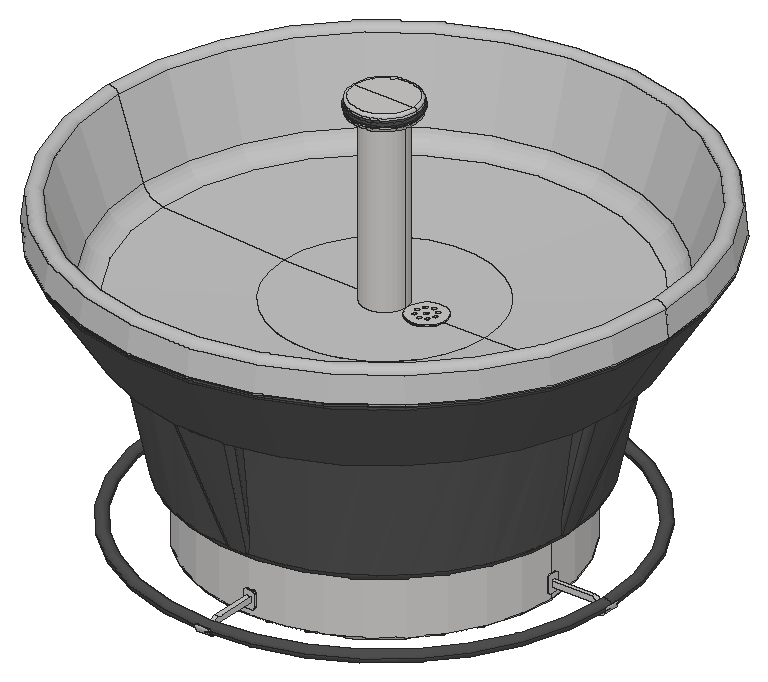
Revit family "Washfountain_Lavatory-Bradley_Corp-WF2808-Type_A_Drain", category Plumbing Fixtures, Revit 2012 (continued)
Lines and regions (in)
  symbolic lines, detail levels medium
    curve 37: line (0, 3.035, 36.30502) -> (0, 3.12875, 36.30502)
  symbolic lines, detail levels medium+fine
    curve 26: line (-3.035, 0, 36.80502) -> (3.035, 0, 36.80502)
    curve 29: line (3.035, 0, 36.30502) -> (-3.035, 0, 36.30502)
    curve 33: line (0, 3.035, 36.80502) -> (0, -3.035, 36.80502)
    curve 36: line (0, -3.035, 36.30502) -> (0, 3.035, 36.30502)
    curve 47: circle (0, 0, 37.25) r 2 normal (0, 0, 1)
    curve 137: circle (4, 0, 29) r 1.25 normal (0, 0, 1)
    curve 138: circle (4, 0, 29) r 0.1842 normal (0, 0, 1)
    curve 139: circle (4, 0.87771, 29) r 0.1842 normal (0, 0, 1)
    curve 140: circle (4.62063, 0.62063, 29) r 0.1842 normal (0, 0, 1)
    curve 141: circle (4.87771, 0, 29) r 0.1842 normal (0, 0, 1)
    curve 142: circle (4.62063, -0.62063, 29) r 0.1842 normal (0, 0, 1)
    curve 143: circle (4, -0.87771, 29) r 0.1842 normal (0, 0, 1)
    curve 144: circle (3.37937, -0.62063, 29) r 0.1842 normal (0, 0, 1)
    curve 145: circle (3.12229, 0, 29) r 0.1842 normal (0, 0, 1)
    curve 146: circle (3.37937, 0.62063, 29) r 0.1842 normal (0, 0, 1)
    curve 155: line (-17.48807, 0, 6.31492) -> (-0.96574, 0, 6.31492)
    curve 156: line (-0.96574, 0, 6.24986) -> (-0.96574, 0, 18.12)
    curve 158: line (-0.12584, 0, 6.24986) -> (-0.12584, 0, 18.12)
    curve 159: line (1.12265, 0, 6.31492) -> (17.49519, 0, 6.31492)
    curve 160: line (-22.00077, 0, 18.10444) -> (-21.06726, 0, 18.10444)
    curve 161: arc (-21.06726, 0, 18.10444) -> (-20.92142, 0, 18.054) -> (-20.8379, 0, 17.92423) r 0.23606
    curve 162: line (-20.8379, 0, 17.92423) -> (-2.19375, 0, 17.92423)
    curve 163: line (-2.07801, 0, 18.10444) -> (-1.09014, 0, 18.10444)
    curve 164: arc (-2.07801, 0, 18.10444) -> (-2.16776, 0, 18.05613) -> (-2.19717, 0, 17.95855) r 0.13336
    curve 165: arc (-1.09014, 0, 18.10444) -> (-1.02745, 0, 18.10835) -> (-0.96574, 0, 18.12) r 0.50514
    curve 166: arc (-1.08537, 0, 6.8063) -> (-1.04271, 0, 6.55643) -> (-0.96574, 0, 6.31492) r 1.81926
    curve 167: line (-0.96574, 0, 6.24986) -> (-0.12584, 0, 6.24986)
    curve 168: line (0, 0, 6.31492) -> (0.15691, 0, 6.31492)
    curve 169: arc (-0.12584, 0, 6.24986) -> (-0.05501, 0, 6.26709) -> (0, 0, 6.31492) r 0.15424
    curve 173: line (1.12265, 0, 6.24986) -> (1.12265, 0, 18.12)
    curve 175: line (0.28275, 0, 6.24986) -> (0.28275, 0, 18.12)
    curve 176: line (22.00077, 0, 18.10444) -> (21.09665, 0, 18.10444)
    curve 177: arc (21.09665, 0, 18.10444) -> (20.95081, 0, 18.054) -> (20.86729, 0, 17.92423) r 0.23606
    curve 178: line (20.86729, 0, 17.92423) -> (2.35066, 0, 17.92423)
    curve 179: line (2.23492, 0, 18.10444) -> (1.24705, 0, 18.10444)
    curve 180: arc (2.23492, 0, 18.10444) -> (2.32467, 0, 18.05613) -> (2.35408, 0, 17.95855) r 0.13336
    curve 181: arc (1.24705, 0, 18.10444) -> (1.18436, 0, 18.10835) -> (1.12265, 0, 18.12) r 0.50514
    curve 182: arc (1.24228, 0, 6.8063) -> (1.19962, 0, 6.55643) -> (1.12265, 0, 6.31492) r 1.81926
    curve 183: line (1.12265, 0, 6.24986) -> (0.28275, 0, 6.24986)
    curve 184: arc (0.28275, 0, 6.24986) -> (0.21192, 0, 6.26709) -> (0.15691, 0, 6.31492) r 0.15424
    curve 201: line (0, 20.99655, 18.03148) -> (0, 21.97113, 18.03148)
    curve 203: arc (0, 20.8379, 17.92423) -> (0, 20.9008, 18.00216) -> (0, 20.99655, 18.03148) r 0.17096
    curve 205: line (0, 2.19389, 17.92569) -> (0, 20.83849, 17.92569)
    curve 208: line (0, 2.07801, 18.10444) -> (0, 1.09014, 18.10444)
    curve 209: arc (0, 2.19829, 17.96981) -> (0, 2.16828, 18.06404) -> (0, 2.07801, 18.10444) r 0.12105
    curve 210: line (0, 0.96513, 6.24986) -> (0, 0.96513, 18.12004)
    curve 211: arc (0, 0.96513, 18.12004) -> (0, 1.02715, 18.10836) -> (0, 1.09014, 18.10444) r 0.5087
    curve 213: line (0, 0.96513, 6.24986) -> (0, 0.12584, 6.24986)
    curve 215: arc (0, 1.08537, 6.8063) -> (0, 1.04105, 6.52467) -> (0, 0.96513, 6.24986) r 2.51421
    curve 216: line (0, 0, 6.31685) -> (0, -0.15625, 6.31685)
    curve 217: line (0, 0, 6.31685) -> (0, 0.12584, 6.24986)
    curve 218: line (0, 0.12584, 6.24986) -> (0, 0.12584, 18.12004)
    curve 221: line (0, -2.35014, 17.92569) -> (0, -20.8418, 17.92569)
    curve 224: line (0, -2.23426, 18.10444) -> (0, -1.24639, 18.10444)
    curve 225: arc (0, -2.35454, 17.96981) -> (0, -2.32453, 18.06404) -> (0, -2.23426, 18.10444) r 0.12105
    curve 226: line (0, -1.12138, 6.24986) -> (0, -1.12138, 18.12004)
    curve 227: arc (0, -1.12138, 18.12004) -> (0, -1.1834, 18.10836) -> (0, -1.24639, 18.10444) r 0.5087
    curve 228: line (0, -1.12138, 6.24986) -> (0, -0.28209, 6.24986)
    curve 230: arc (0, -1.24162, 6.8063) -> (0, -1.1973, 6.52467) -> (0, -1.12138, 6.24986) r 2.51421
    curve 231: line (0, -0.15625, 6.31685) -> (0, -0.28209, 6.24986)
    curve 232: line (0, -0.28209, 6.24986) -> (0, -0.28209, 18.12004)
    curve 235: line (0, -21.00003, 18.03148) -> (0, -21.97463, 18.03148)
    curve 237: arc (0, -20.84138, 17.92423) -> (0, -20.90428, 18.00216) -> (0, -21.00003, 18.03148) r 0.17096
    curve 241: line (0, 17.49039, 6.32544) -> (0, 0.98937, 6.32544)
    curve 242: line (0, -1.14562, 6.32544) -> (0, -17.49387, 6.32544)
  symbolic lines
    curve 31: line (-2, 0, 35.86002) -> (2, 0, 35.86002)
    curve 38: line (0, 2, 35.86002) -> (0, -2, 35.86002)
    curve 136: circle (4, 0, 29) r 1.75 normal (0, 0, 1)
    curve 147: circle (0, 0, 29) r 25.3 normal (0, 0, 1)
    curve 153: line (-20.8379, 0, 17.92423) -> (-17.61819, 0, 6.792)
    curve 154: line (-17.61819, 0, 6.792) -> (-17.47033, 0, 6.24986)
    curve 157: line (-2.19717, 0, 17.95855) -> (-1.08537, 0, 6.8063)
    curve 172: line (20.86729, 0, 17.92423) -> (17.49473, 0, 6.31579)
    curve 174: line (2.35408, 0, 17.95855) -> (1.24228, 0, 6.8063)
    curve 187: line (22.00077, 0, 18.10444) -> (17.49519, 0, 6.31492)
    curve 188: line (-15.8946, 0, 5.6669) -> (15.9375, 0, 5.6669)
    curve 202: line (0, 20.8379, 17.92423) -> (0, 17.46859, 6.24991)
    curve 204: line (0, 20.8379, 17.92423) -> (0, 20.89404, 18.12)
    curve 206: line (0, 2.19829, 17.96981) -> (0, 1.08537, 6.8063)
    curve 212: line (0, 15.89286, 5.66694) -> (0, -15.89458, 5.66694)
    curve 222: line (0, -2.35454, 17.96981) -> (0, -1.24162, 6.8063)
    curve 236: line (0, -20.84138, 17.92423) -> (0, -17.46638, 6.2302)
    curve 238: line (0, -20.84138, 17.92423) -> (0, -20.89752, 18.12)
    curve 251: circle (0, 0, 29) r 21 normal (0, 0, 1)
    curve 252: line (26.7906, 0, 26) -> (-26.7889, 0, 26)
    curve 253: line (0, 26.7906, 26) -> (0, -26.7906, 26)
  symbolic lines, visible <- "Sensor Module", detail levels fine
    curve 39: line (-4.49987, 0, 40.18459) -> (4.49987, 0, 40.18459)
    curve 42: line (0, 4.49987, 40.18459) -> (0, -4.49987, 40.18459)
  symbolic lines, visible <- "Sensor Module", detail levels medium
    curve 40: line (4.57537, 0, 38.73512) -> (-4.5755, 0, 38.73512)
    curve 43: line (0, -4.57537, 38.73512) -> (0, 4.57537, 38.73512)
  symbolic lines, visible <- "Sensor Module"
    curve 41: line (-2, 0, 37.90962) -> (2, 0, 37.90962)
    curve 44: line (0, 2, 37.91) -> (0, -2, 37.91)
  symbolic lines, visible <- "Sensor Module", detail levels medium+fine
    curve 46: circle (0, 0, 40.75) r 2.10282 normal (0, 0, 1)
  model lines, visible <- "Towel Dispenser", detail levels fine
    curve 51: spline (-9.0267, 1.13929, 53.62502) -> (-8.93299, 0.97699, 56.66615) -> (-8.65827, 0.50115, 59.50002) -> (-8.22124, -0.2558, 61.93353) -> (-7.6517, -1.24228, 63.80082) -> (-6.98845, -2.39106, 64.97465) -> (-6.2767, -3.62385, 65.37502) -> (-5.56494, -4.85664, 64.97465) -> (-4.9017, -6.00542, 63.80082) -> (-4.33215, -6.9919, 61.93353) -> (-3.89513, -7.74885, 59.50002) -> (-3.6204, -8.22469, 56.66615) -> (-3.5267, -8.38699, 53.62502)
    curve 52: spline (3.527, -8.3872, 53.62502) -> (3.6207, -8.22489, 56.66615) -> (3.89542, -7.74903, 59.50002) -> (4.33244, -6.99205, 61.93353) -> (4.90197, -6.00554, 63.80082) -> (5.56521, -4.85671, 64.97465) -> (6.27694, -3.62387, 65.37502) -> (6.98868, -2.39103, 64.97465) -> (7.65191, -1.24221, 63.80082) -> (8.22144, -0.2557, 61.93353) -> (8.65846, 0.50129, 59.50002) -> (8.93318, 0.97714, 56.66615) -> (9.02688, 1.13945, 53.62502)
    curve 98: spline (4.50547, -6.69233, 56.22659) -> (4.48576, -6.72648, 56.26066) -> (4.46739, -6.7583, 56.36056) -> (4.45161, -6.78563, 56.51948) -> (4.43951, -6.80659, 56.72659) -> (4.4319, -6.81977, 56.96777) -> (4.4293, -6.82427, 57.22659) -> (4.4319, -6.81977, 57.4854) -> (4.43951, -6.80659, 57.72659) -> (4.45161, -6.78563, 57.93369) -> (4.46739, -6.7583, 58.09261) -> (4.48576, -6.72648, 58.19251) -> (4.50547, -6.69233, 58.22659) -> (4.52519, -6.65819, 58.19251) -> (4.54356, -6.62637, 58.09261) -> (4.55933, -6.59904, 57.93369) -> (4.57144, -6.57807, 57.72659) -> (4.57905, -6.56489, 57.4854) -> (4.58164, -6.5604, 57.22659) -> (4.57905, -6.56489, 56.96777) -> (4.57144, -6.57807, 56.72659) -> (4.55933, -6.59904, 56.51948) -> (4.54356, -6.62637, 56.36056) -> (4.52519, -6.65819, 56.26066) -> (4.50547, -6.69233, 56.22659)
    curve 99: spline (3.54323, 7.20696, 56.22659) -> (3.58266, 7.20696, 56.26066) -> (3.6194, 7.20696, 56.36056) -> (3.65095, 7.20696, 56.51948) -> (3.67516, 7.20696, 56.72659) -> (3.69038, 7.20696, 56.96777) -> (3.69557, 7.20696, 57.22659) -> (3.69038, 7.20696, 57.4854) -> (3.67516, 7.20696, 57.72659) -> (3.65095, 7.20696, 57.93369) -> (3.6194, 7.20696, 58.09261) -> (3.58266, 7.20696, 58.19251) -> (3.54323, 7.20696, 58.22659) -> (3.5038, 7.20696, 58.19251) -> (3.46706, 7.20696, 58.09261) -> (3.4355, 7.20696, 57.93369) -> (3.41129, 7.20696, 57.72659) -> (3.39607, 7.20696, 57.4854) -> (3.39088, 7.20696, 57.22659) -> (3.39607, 7.20696, 56.96777) -> (3.41129, 7.20696, 56.72659) -> (3.4355, 7.20696, 56.51948) -> (3.46706, 7.20696, 56.36056) -> (3.5038, 7.20696, 56.26066) -> (3.54323, 7.20696, 56.22659)
    curve 100: spline (-8.04818, -0.55555, 56.22659) -> (-8.06789, -0.5214, 56.26066) -> (-8.08627, -0.48958, 56.36056) -> (-8.10204, -0.46226, 56.51948) -> (-8.11415, -0.44129, 56.72659) -> (-8.12176, -0.42811, 56.96777) -> (-8.12435, -0.42362, 57.22659) -> (-8.12176, -0.42811, 57.4854) -> (-8.11415, -0.44129, 57.72659) -> (-8.10204, -0.46226, 57.93369) -> (-8.08627, -0.48958, 58.09261) -> (-8.06789, -0.5214, 58.19251) -> (-8.04818, -0.55555, 58.22659) -> (-8.02847, -0.5897, 58.19251) -> (-8.01009, -0.62152, 58.09261) -> (-7.99432, -0.64884, 57.93369) -> (-7.98221, -0.66981, 57.72659) -> (-7.9746, -0.68299, 57.4854) -> (-7.97201, -0.68748, 57.22659) -> (-7.9746, -0.68299, 56.96777) -> (-7.98221, -0.66981, 56.72659) -> (-7.99432, -0.64884, 56.51948) -> (-8.01009, -0.62152, 56.36056) -> (-8.02847, -0.5897, 56.26066) -> (-8.04818, -0.55555, 56.22659)
    curve 101: spline (5.50026, 7.20696, 53.62502) -> (5.31285, 7.20696, 56.66615) -> (4.76338, 7.20696, 59.50002) -> (3.88931, 7.20696, 61.93353) -> (2.75019, 7.20696, 63.80082) -> (1.42367, 7.20696, 64.97465) -> (0.00013, 7.20696, 65.37502) -> (-1.42341, 7.20696, 64.97465) -> (-2.74994, 7.20696, 63.80082) -> (-3.88905, 7.20696, 61.93353) -> (-4.76312, 7.20696, 59.50002) -> (-5.31259, 7.20696, 56.66615) -> (-5.5, 7.20696, 53.62502)
  symbolic lines, visible <- "Towel Dispenser", detail levels fine
    curve 54: spline (-9.02676, -27, 53.62502) -> (-8.93305, -27, 56.66615) -> (-8.65832, -27, 59.50002) -> (-8.22128, -27, 61.93353) -> (-7.65173, -27, 63.80082) -> (-6.98846, -27, 64.97465) -> (-6.2767, -27, 65.37502) -> (-5.56493, -27, 64.97465) -> (-4.90166, -27, 63.80082) -> (-4.33211, -27, 61.93353) -> (-3.89507, -27, 59.50002) -> (-3.62034, -27, 56.66615) -> (-3.52663, -27, 53.62502)
    curve 55: spline (3.527, -27, 53.62502) -> (3.6207, -27, 56.66615) -> (3.89542, -27, 59.50002) -> (4.33244, -27, 61.93353) -> (4.90197, -27, 63.80082) -> (5.56521, -27, 64.97465) -> (6.27694, -27, 65.37502) -> (6.98868, -27, 64.97465) -> (7.65191, -27, 63.80082) -> (8.22144, -27, 61.93353) -> (8.65846, -27, 59.50002) -> (8.93318, -27, 56.66615) -> (9.02688, -27, 53.62502)
    curve 85: spline (5.50026, 27, 53.62502) -> (5.31285, 27, 56.66615) -> (4.76338, 27, 59.50002) -> (3.88931, 27, 61.93353) -> (2.75019, 27, 63.80082) -> (1.42367, 27, 64.97465) -> (0.00013, 27, 65.37502) -> (-1.42341, 27, 64.97465) -> (-2.74994, 27, 63.80082) -> (-3.88905, 27, 61.93353) -> (-4.76312, 27, 59.50002) -> (-5.31259, 27, 56.66615) -> (-5.5, 27, 53.62502)
    curve 93: spline (0, 1.1394, 53.62502) -> (0, 0.9771, 56.66615) -> (0, 0.50125, 59.50002) -> (0, -0.25572, 61.93353) -> (0, -1.24223, 63.80082) -> (0, -2.39103, 64.97465) -> (0, -3.62385, 65.37502) -> (0, -4.85667, 64.97465) -> (0, -6.00548, 63.80082) -> (0, -6.99198, 61.93353) -> (0, -7.74895, 59.50002) -> (0, -8.2248, 56.66615) -> (0, -8.3871, 53.62502)
    curve 102: spline (-8.04824, -27, 56.22659) -> (-8.06796, -27, 56.26066) -> (-8.08633, -27, 56.36056) -> (-8.10211, -27, 56.51948) -> (-8.11421, -27, 56.72659) -> (-8.12182, -27, 56.96777) -> (-8.12442, -27, 57.22659) -> (-8.12182, -27, 57.4854) -> (-8.11421, -27, 57.72659) -> (-8.10211, -27, 57.93369) -> (-8.08633, -27, 58.09261) -> (-8.06796, -27, 58.19251) -> (-8.04824, -27, 58.22659) -> (-8.02853, -27, 58.19251) -> (-8.01016, -27, 58.09261) -> (-7.99438, -27, 57.93369) -> (-7.98228, -27, 57.72659) -> (-7.97467, -27, 57.4854) -> (-7.97207, -27, 57.22659) -> (-7.97467, -27, 56.96777) -> (-7.98228, -27, 56.72659) -> (-7.99438, -27, 56.51948) -> (-8.01016, -27, 56.36056) -> (-8.02853, -27, 56.26066) -> (-8.04824, -27, 56.22659)
    curve 103: spline (4.50547, -27, 56.22659) -> (4.48576, -27, 56.26066) -> (4.46739, -27, 56.36056) -> (4.45161, -27, 56.51948) -> (4.43951, -27, 56.72659) -> (4.4319, -27, 56.96777) -> (4.4293, -27, 57.22659) -> (4.4319, -27, 57.4854) -> (4.43951, -27, 57.72659) -> (4.45161, -27, 57.93369) -> (4.46739, -27, 58.09261) -> (4.48576, -27, 58.19251) -> (4.50547, -27, 58.22659) -> (4.52519, -27, 58.19251) -> (4.54356, -27, 58.09261) -> (4.55933, -27, 57.93369) -> (4.57144, -27, 57.72659) -> (4.57905, -27, 57.4854) -> (4.58164, -27, 57.22659) -> (4.57905, -27, 56.96777) -> (4.57144, -27, 56.72659) -> (4.55933, -27, 56.51948) -> (4.54356, -27, 56.36056) -> (4.52519, -27, 56.26066) -> (4.50547, -27, 56.22659)
    curve 104: spline (3.54323, 27, 56.22659) -> (3.58266, 27, 56.26066) -> (3.6194, 27, 56.36056) -> (3.65095, 27, 56.51948) -> (3.67516, 27, 56.72659) -> (3.69038, 27, 56.96777) -> (3.69557, 27, 57.22659) -> (3.69038, 27, 57.4854) -> (3.67516, 27, 57.72659) -> (3.65095, 27, 57.93369) -> (3.6194, 27, 58.09261) -> (3.58266, 27, 58.19251) -> (3.54323, 27, 58.22659) -> (3.5038, 27, 58.19251) -> (3.46706, 27, 58.09261) -> (3.4355, 27, 57.93369) -> (3.41129, 27, 57.72659) -> (3.39607, 27, 57.4854) -> (3.39088, 27, 57.22659) -> (3.39607, 27, 56.96777) -> (3.41129, 27, 56.72659) -> (3.4355, 27, 56.51948) -> (3.46706, 27, 56.36056) -> (3.5038, 27, 56.26066) -> (3.54323, 27, 56.22659)
    curve 133: spline (0, -0.55544, 56.22659) -> (0, -0.52129, 56.26066) -> (0, -0.48947, 56.36056) -> (0, -0.46215, 56.51948) -> (0, -0.44118, 56.72659) -> (0, -0.428, 56.96777) -> (0, -0.42351, 57.22659) -> (0, -0.428, 57.4854) -> (0, -0.44118, 57.72659) -> (0, -0.46215, 57.93369) -> (0, -0.48947, 58.09261) -> (0, -0.52129, 58.19251) -> (0, -0.55544, 58.22659) -> (0, -0.58959, 58.19251) -> (0, -0.62141, 58.09261) -> (0, -0.64873, 57.93369) -> (0, -0.6697, 57.72659) -> (0, -0.68288, 57.4854) -> (0, -0.68737, 57.22659) -> (0, -0.68288, 56.96777) -> (0, -0.6697, 56.72659) -> (0, -0.64873, 56.51948) -> (0, -0.62141, 56.36056) -> (0, -0.58959, 56.26066) -> (0, -0.55544, 56.22659)
  symbolic lines, visible <- "Towel Dispenser"
    curve 56: line (-0.06253, -27, 67.563) -> (-3.52663, -27, 66.87567)
    curve 57: line (3.527, -27, 66.87567) -> (0.06285, -27, 67.563)
    curve 58: line (-9.02676, -27, 66.87567) -> (-3.52663, -27, 66.87567)
    curve 59: line (-3.52663, -27, 66.87567) -> (-3.52663, -27, 53.62502)
    curve 60: line (3.527, -27, 53.62502) -> (3.527, -27, 66.87567)
    curve 61: line (0.06285, -27, 67.563) -> (0.06285, -27, 52.25)
    curve 62: line (-0.06253, -27, 52.25) -> (-0.06253, -27, 67.563)
    curve 63: line (-3.52663, -27, 53.62502) -> (-1.57807, -27, 52.25)
    curve 64: line (1.57842, -27, 52.25) -> (3.527, -27, 53.62502)
    curve 65: line (-9.02676, -27, 53.62502) -> (-3.52663, -27, 53.62502)
    curve 66: line (3.527, -27, 53.62502) -> (9.02688, -27, 53.62502)
    curve 75: line (3.527, -27, 66.87567) -> (9.02688, -27, 66.87567)
    curve 77: line (-5.5, 27, 67.563) -> (-5.5, 27, 52.25)
    curve 78: line (5.50026, 27, 52.25) -> (5.50026, 27, 67.563)
    curve 79: line (5.50026, 27, 66.87567) -> (-5.5, 27, 66.87567)
    curve 80: line (5.50026, 27, 53.62502) -> (-5.5, 27, 53.62502)
    curve 86: line (0, 3.20696, 67.563) -> (0, 3.20696, 52.25)
    curve 87: line (0, 3.1394, 67.563) -> (0, 3.1394, 52.25)
    curve 88: line (0, 1.1394, 66.87567) -> (0, 3.1394, 67.563)
    curve 89: line (0, 1.1394, 53.62502) -> (0, 1.1394, 66.87567)
    curve 90: line (0, 1.1394, 66.87567) -> (0, -8.3871, 66.87567)
    curve 91: line (0, 2.2644, 52.25) -> (0, 1.1394, 53.62502)
    curve 92: line (0, 1.1394, 53.62502) -> (0, -8.3871, 53.62502)
    curve 131: line (-2, -27, 52.25) -> (2, -27, 52.25)
    curve 132: line (-2, -27, 67.563) -> (2, -27, 67.563)
    curve 134: line (0, 1.25, 67.563) -> (0, -1.25, 67.563)
    curve 246: line (-5.5, 3.20696, 52.25) -> (5.50026, 3.20696, 52.25)
    curve 247: line (5.56279, 3.13918, 0) -> (0.06279, -6.3871, 0)
    curve 248: line (-0.06259, -6.38699, 52.25) -> (-5.56259, 3.13929, 52.25)
    curve 249: line (-5.56259, 3.13929, 52.25) -> (-5.5, 3.20696, 52.25)
    curve 250: line (5.50026, 3.20696, 52.25) -> (5.56279, 3.13918, 52.25)
  symbolic lines, visible <- "Towel Dispenser", detail levels medium+fine
    curve 67: line (-3.95999, -27, 53.3286) -> (-7.95843, -27, 53.3286)
    curve 68: spline (-7.95843, -27, 53.3286) -> (-8.0366, -27, 53.31528) -> (-8.07168, -27, 53.27621) -> (-8.06127, -27, 53.21406) -> (-8.00608, -27, 53.13306) -> (-7.90988, -27, 53.03873) -> (-7.77921, -27, 52.93751) -> (-7.62299, -27, 52.83629) -> (-7.45186, -27, 52.74197) -> (-7.27748, -27, 52.66097) -> (-7.11174, -27, 52.59882) -> (-6.96593, -27, 52.55975) -> (-6.84999, -27, 52.54642)
    curve 69: line (-6.84999, -27, 52.54642) -> (-2.85155, -27, 52.54642)
    curve 70: spline (-2.85155, -27, 52.54642) -> (-2.77338, -27, 52.55975) -> (-2.7383, -27, 52.59882) -> (-2.74871, -27, 52.66097) -> (-2.8039, -27, 52.74197) -> (-2.90011, -27, 52.83629) -> (-3.03077, -27, 52.93751) -> (-3.18699, -27, 53.03873) -> (-3.35812, -27, 53.13306) -> (-3.5325, -27, 53.21406) -> (-3.69824, -27, 53.27621) -> (-3.84405, -27, 53.31528) -> (-3.95999, -27, 53.3286)
    curve 71: line (7.8569, -27, 53.32864) -> (3.85695, -27, 53.32864)
    curve 72: spline (3.85695, -27, 53.32864) -> (3.74101, -27, 53.31531) -> (3.59521, -27, 53.27624) -> (3.42947, -27, 53.21409) -> (3.25509, -27, 53.13309) -> (3.08396, -27, 53.03877) -> (2.92774, -27, 52.93755) -> (2.79707, -27, 52.83632) -> (2.70086, -27, 52.742) -> (2.64567, -27, 52.661) -> (2.63526, -27, 52.59885) -> (2.67033, -27, 52.55978) -> (2.7485, -27, 52.54645)
    curve 73: line (2.7485, -27, 52.54645) -> (6.74844, -27, 52.54645)
    curve 74: spline (6.74844, -27, 52.54645) -> (6.86438, -27, 52.55978) -> (7.01019, -27, 52.59885) -> (7.17593, -27, 52.661) -> (7.3503, -27, 52.742) -> (7.52143, -27, 52.83632) -> (7.67766, -27, 52.93755) -> (7.80832, -27, 53.03877) -> (7.90453, -27, 53.13309) -> (7.95972, -27, 53.21409) -> (7.97014, -27, 53.27624) -> (7.93507, -27, 53.31531) -> (7.8569, -27, 53.32864)
    curve 81: line (-4, 27, 53.3286) -> (4.00026, 27, 53.3286)
    curve 82: spline (4.00026, 27, 53.3286) -> (4.19437, 27, 53.31528) -> (4.37526, 27, 53.27621) -> (4.53059, 27, 53.21406) -> (4.64978, 27, 53.13306) -> (4.7247, 27, 53.03873) -> (4.75026, 27, 52.93751) -> (4.7247, 27, 52.83629) -> (4.64978, 27, 52.74197) -> (4.53059, 27, 52.66097) -> (4.37526, 27, 52.59882) -> (4.19437, 27, 52.55975) -> (4.00026, 27, 52.54642)
    curve 83: line (4.00026, 27, 52.54642) -> (-4, 27, 52.54642)
    curve 84: spline (-4, 27, 52.54642) -> (-4.19411, 27, 52.55975) -> (-4.375, 27, 52.59882) -> (-4.53033, 27, 52.66097) -> (-4.64952, 27, 52.74197) -> (-4.72444, 27, 52.83629) -> (-4.75, 27, 52.93751) -> (-4.72444, 27, 53.03873) -> (-4.64952, 27, 53.13306) -> (-4.53033, 27, 53.21406) -> (-4.375, 27, 53.27621) -> (-4.19411, 27, 53.31528) -> (-4, 27, 53.3286)
    curve 94: line (0, -6.84554, 53.3286) -> (0, 0.08288, 53.3286)
    curve 95: spline (0, 0.08288, 53.3286) -> (0, 0.26189, 53.31528) -> (0, 0.45051, 53.27621) -> (0, 0.63588, 53.21406) -> (0, 0.80537, 53.13306) -> (0, 0.94743, 53.03873) -> (0, 1.05238, 52.93751) -> (0, 1.11307, 52.83629) -> (0, 1.12535, 52.74197) -> (0, 1.0884, 52.66097) -> (0, 1.00473, 52.59882) -> (0, 0.88005, 52.55975) -> (0, 0.72284, 52.54642)
    curve 96: line (0, 0.72284, 52.54642) -> (0, -6.20559, 52.54642)
    curve 97: spline (0, -6.20559, 52.54642) -> (0, -6.3846, 52.55975) -> (0, -6.57321, 52.59882) -> (0, -6.75859, 52.66097) -> (0, -6.92808, 52.74197) -> (0, -7.07014, 52.83629) -> (0, -7.17508, 52.93751) -> (0, -7.23577, 53.03873) -> (0, -7.24806, 53.13306) -> (0, -7.2111, 53.21406) -> (0, -7.12744, 53.27621) -> (0, -7.00275, 53.31528) -> (0, -6.84554, 53.3286)
    curve 243: line (-7.07814, 2.26429, 52.25) -> (-1.57814, -7.26199, 52.25)
    curve 244: line (1.57842, -7.26225, 52.25) -> (7.0783, 2.2644, 52.25)
    curve 245: line (5.50026, 4.95696, 52.25) -> (-5.5, 4.95696, 52.25)
  model lines, not visible
    curve 105: circle (0, 0, 0) r 21 normal (0, 0, 1)
  sketch lines
    curve 106: circle (0, 0, 0) r 21 normal (0, 0, 1)
    curve 149: line (-17.47033, -0.07207, 6.24986) -> (-22.00672, -0.07207, 18.12)
    curve 150: line (0.07207, -17.47033, 6.24986) -> (0.07207, -22.00672, 18.12)
    curve 151: line (17.47033, 0.07207, 6.24986) -> (22.00672, 0.07207, 18.12)
    curve 152: line (-0.07207, 17.47033, 6.24986) -> (-0.07207, 22.00672, 18.12)
  symbolic lines, visible <- "Foot Control Valve", detail levels fine
    curve 107: line (-0.67, 0, 0.925) -> (-0.67, 0, 1.61691)
    curve 108: line (-0.67, 0, 1.61691) -> (0.67, 0, 1.61691)
    curve 109: line (0.67, 0, 1.61691) -> (0.67, 0, 0.925)
    curve 110: line (-0.46567, 0, 0.825) -> (0.46567, 0, 0.825)
    curve 111: line (-0.50501, 0, 1.925) -> (0.50501, 0, 1.925)
    curve 112: arc (-20.98857, 0, 0.925) -> (-21.39304, 0, 1.11581) -> (-21.48307, 0, 1.55388) r 0.5
    curve 113: arc (-20.99912, 0, 0.82487) -> (-20.82626, 0, 0.85057) -> (-20.66814, 0, 0.925) r 0.6
    curve 114: line (-20.30228, 0, 0.925) -> (-20.98857, 0, 0.925)
    curve 115: arc (21.48307, 0, 1.55388) -> (21.39304, 0, 1.11581) -> (20.98857, 0, 0.925) r 0.5
    curve 116: arc (20.66814, 0, 0.925) -> (20.82626, 0, 0.85057) -> (20.99912, 0, 0.82487) r 0.6
    curve 117: line (20.30228, 0, 0.925) -> (20.98857, 0, 0.925)
    curve 118: arc (0, 21.48307, 1.55401) -> (0, 20.6919, 1.03121) -> (0, 21.009, 1.92492) r 0.5
    curve 119: arc (0, 20.51154, 1.53179) -> (0, 20.47337, 1.59132) -> (0, 20.41385, 1.55315) r 0.05
    curve 120: arc (0, 20.41385, 1.55315) -> (0, 20.5328, 1.04853) -> (0, 21.00059, 0.825) r 0.6
    curve 121: line (0, 20.30377, 0.92644) -> (0, 20.66618, 0.92644)
    curve 122: arc (0, -21.00467, 1.92498) -> (0, -20.69361, 1.02988) -> (0, -21.48307, 1.55401) r 0.5
    curve 123: arc (0, -20.41385, 1.55315) -> (0, -20.47337, 1.59132) -> (0, -20.51154, 1.53179) r 0.05
    curve 124: arc (0, -20.98882, 0.8251) -> (0, -20.52913, 1.05313) -> (0, -20.41385, 1.55315) r 0.6
    curve 125: line (0, -20.30078, 0.92644) -> (0, -20.66618, 0.92644)
    curve 126: line (0, -0.67, 1.61678) -> (0, -0.67, 0.82487)
    curve 127: line (0, 0.67, 1.61678) -> (0, -0.67, 1.61678)
    curve 128: line (0, 0.67, 0.82487) -> (0, 0.67, 1.61678)
    curve 129: line (0, 0.50501, 1.92487) -> (0, -0.50501, 1.92487)
    curve 130: line (0, 0.46567, 0.82487) -> (0, -0.46567, 0.82487)
  model lines, detail levels medium+fine
    curve 135: circle (4, 0, 20.14202) r 1.25 normal (0, 0, 1)
  model lines, not visible, detail levels fine
    curve 148: line (-17.47033, -0.07207, 6.24986) -> (-22.00672, -0.07207, 18.12)
  symbolic lines, detail levels fine
    curve 170: circle (-0.59234, 0, 14.97829) r 0.18079 normal (0, -1, 0)
    curve 171: circle (-0.59234, 0, 9.43889) r 0.18079 normal (0, -1, 0)
    curve 185: circle (0.74925, 0, 14.97829) r 0.18079 normal (0, 1, 0)
    curve 186: circle (0.74925, 0, 9.43889) r 0.18079 normal (0, 1, 0)
    curve 189: spline (-0.96355, 0, 4.64199) -> (-0.87273, 0, 4.65397) -> (-0.7881, 0, 4.68911) -> (-0.71543, 0, 4.74501) -> (-0.65967, 0, 4.81786) -> (-0.62461, 0, 4.9027) -> (-0.61266, 0, 4.99374) -> (-0.62461, 0, 5.08478) -> (-0.65967, 0, 5.16961) -> (-0.71543, 0, 5.24246) -> (-0.7881, 0, 5.29836) -> (-0.87273, 0, 5.3335) -> (-0.96355, 0, 5.34549) -> (-1.05437, 0, 5.3335) -> (-1.139, 0, 5.29836) -> (-1.21167, 0, 5.24246) -> (-1.26743, 0, 5.16961) -> (-1.30249, 0, 5.08478) -> (-1.31444, 0, 4.99374) -> (-1.30249, 0, 4.9027) -> (-1.26743, 0, 4.81786) -> (-1.21167, 0, 4.74501) -> (-1.139, 0, 4.68911) -> (-1.05437, 0, 4.65397) -> (-0.96355, 0, 4.64199)
    curve 190: spline (1.11807, 0, 5.34611) -> (1.02726, 0, 5.33413) -> (0.94263, 0, 5.29899) -> (0.86995, 0, 5.24309) -> (0.81419, 0, 5.17024) -> (0.77914, 0, 5.0854) -> (0.76718, 0, 4.99436) -> (0.77914, 0, 4.90332) -> (0.81419, 0, 4.81849) -> (0.86995, 0, 4.74564) -> (0.94263, 0, 4.68974) -> (1.02726, 0, 4.6546) -> (1.11807, 0, 4.64261) -> (1.20889, 0, 4.6546) -> (1.29352, 0, 4.68974) -> (1.36619, 0, 4.74564) -> (1.42196, 0, 4.81849) -> (1.45701, 0, 4.90332) -> (1.46897, 0, 4.99436) -> (1.45701, 0, 5.0854) -> (1.42196, 0, 5.17024) -> (1.36619, 0, 5.24309) -> (1.29352, 0, 5.29899) -> (1.20889, 0, 5.33413) -> (1.11807, 0, 5.34611)
    curve 191: line (0.07846, 0, 6.31492) -> (0.07846, 0, 18.12)
    curve 219: circle (0, 0.60158, 9.43373) r 0.17708 normal (1, 0, 0)
    curve 220: circle (0, 0.60158, 14.97871) r 0.17708 normal (1, 0, 0)
    curve 233: circle (0, -0.75783, 9.43373) r 0.17708 normal (-1, 0, 0)
    curve 234: circle (0, -0.75783, 14.97871) r 0.17708 normal (-1, 0, 0)
    curve 239: spline (0, 0.96355, 4.64199) -> (0, 0.87273, 4.65397) -> (0, 0.7881, 4.68911) -> (0, 0.71543, 4.74501) -> (0, 0.65967, 4.81786) -> (0, 0.62461, 4.9027) -> (0, 0.61266, 4.99374) -> (0, 0.62461, 5.08478) -> (0, 0.65967, 5.16961) -> (0, 0.71543, 5.24246) -> (0, 0.7881, 5.29836) -> (0, 0.87273, 5.3335) -> (0, 0.96355, 5.34549) -> (0, 1.05437, 5.3335) -> (0, 1.139, 5.29836) -> (0, 1.21167, 5.24246) -> (0, 1.26743, 5.16961) -> (0, 1.30249, 5.08478) -> (0, 1.31444, 4.99374) -> (0, 1.30249, 4.9027) -> (0, 1.26743, 4.81786) -> (0, 1.21167, 4.74501) -> (0, 1.139, 4.68911) -> (0, 1.05437, 4.65397) -> (0, 0.96355, 4.64199)
    curve 240: spline (0, -1.11807, 5.34611) -> (0, -1.02726, 5.33413) -> (0, -0.94263, 5.29899) -> (0, -0.86995, 5.24309) -> (0, -0.81419, 5.17024) -> (0, -0.77914, 5.0854) -> (0, -0.76718, 4.99436) -> (0, -0.77914, 4.90332) -> (0, -0.81419, 4.81849) -> (0, -0.86995, 4.74564) -> (0, -0.94263, 4.68974) -> (0, -1.02726, 4.6546) -> (0, -1.11807, 4.64261) -> (0, -1.20889, 4.6546) -> (0, -1.29352, 4.68974) -> (0, -1.36619, 4.74564) -> (0, -1.42196, 4.81849) -> (0, -1.45701, 4.90332) -> (0, -1.46897, 4.99436) -> (0, -1.45701, 5.0854) -> (0, -1.42196, 5.17024) -> (0, -1.36619, 5.24309) -> (0, -1.29352, 5.29899) -> (0, -1.20889, 5.33413) -> (0, -1.11807, 5.34611)
    curve 254: spline (-1.97389, 0, 1) -> (-1.88308, 0, 1.01199) -> (-1.79845, 0, 1.04713) -> (-1.72577, 0, 1.10303) -> (-1.67001, 0, 1.17587) -> (-1.63496, 0, 1.26071) -> (-1.623, 0, 1.35175) -> (-1.63496, 0, 1.44279) -> (-1.67001, 0, 1.52762) -> (-1.72577, 0, 1.60047) -> (-1.79845, 0, 1.65637) -> (-1.88308, 0, 1.69151) -> (-1.97389, 0, 1.7035) -> (-2.06471, 0, 1.69151) -> (-2.14934, 0, 1.65637) -> (-2.22201, 0, 1.60047) -> (-2.27778, 0, 1.52762) -> (-2.31283, 0, 1.44279) -> (-2.32479, 0, 1.35175) -> (-2.31283, 0, 1.26071) -> (-2.27778, 0, 1.17587) -> (-2.22201, 0, 1.10303) -> (-2.14934, 0, 1.04713) -> (-2.06471, 0, 1.01199) -> (-1.97389, 0, 1)
    curve 255: spline (1.97389, 0, 1) -> (1.88308, 0, 1.01199) -> (1.79845, 0, 1.04713) -> (1.72577, 0, 1.10303) -> (1.67001, 0, 1.17587) -> (1.63496, 0, 1.26071) -> (1.623, 0, 1.35175) -> (1.63496, 0, 1.44279) -> (1.67001, 0, 1.52762) -> (1.72577, 0, 1.60047) -> (1.79845, 0, 1.65637) -> (1.88308, 0, 1.69151) -> (1.97389, 0, 1.7035) -> (2.06471, 0, 1.69151) -> (2.14934, 0, 1.65637) -> (2.22201, 0, 1.60047) -> (2.27778, 0, 1.52762) -> (2.31283, 0, 1.44279) -> (2.32479, 0, 1.35175) -> (2.31283, 0, 1.26071) -> (2.27778, 0, 1.17587) -> (2.22201, 0, 1.10303) -> (2.14934, 0, 1.04713) -> (2.06471, 0, 1.01199) -> (1.97389, 0, 1)
    curve 256: spline (0, 1.97389, 1.00004) -> (0, 1.88308, 1.01203) -> (0, 1.79845, 1.04717) -> (0, 1.72577, 1.10307) -> (0, 1.67001, 1.17592) -> (0, 1.63496, 1.26075) -> (0, 1.623, 1.35179) -> (0, 1.63496, 1.44283) -> (0, 1.67001, 1.52767) -> (0, 1.72577, 1.60052) -> (0, 1.79845, 1.65642) -> (0, 1.88308, 1.69156) -> (0, 1.97389, 1.70354) -> (0, 2.06471, 1.69156) -> (0, 2.14934, 1.65642) -> (0, 2.22201, 1.60052) -> (0, 2.27778, 1.52767) -> (0, 2.31283, 1.44283) -> (0, 2.32479, 1.35179) -> (0, 2.31283, 1.26075) -> (0, 2.27778, 1.17592) -> (0, 2.22201, 1.10307) -> (0, 2.14934, 1.04717) -> (0, 2.06471, 1.01203) -> (0, 1.97389, 1.00004)
    curve 257: spline (0, -1.97389, 1.00004) -> (0, -1.88308, 1.01203) -> (0, -1.79845, 1.04717) -> (0, -1.72577, 1.10307) -> (0, -1.67001, 1.17592) -> (0, -1.63496, 1.26075) -> (0, -1.623, 1.35179) -> (0, -1.63496, 1.44283) -> (0, -1.67001, 1.52767) -> (0, -1.72577, 1.60052) -> (0, -1.79845, 1.65642) -> (0, -1.88308, 1.69156) -> (0, -1.97389, 1.70354) -> (0, -2.06471, 1.69156) -> (0, -2.14934, 1.65642) -> (0, -2.22201, 1.60052) -> (0, -2.27778, 1.52767) -> (0, -2.31283, 1.44283) -> (0, -2.32479, 1.35179) -> (0, -2.31283, 1.26075) -> (0, -2.27778, 1.17592) -> (0, -2.22201, 1.10307) -> (0, -2.14934, 1.04717) -> (0, -2.06471, 1.01203) -> (0, -1.97389, 1.00004)
  model lines, detail levels fine
    curve 192: line (22.00602, 0, 18.12026) -> (17.49473, 0, 6.31579)
    curve 193: line (0, 22.00498, 18.12004) -> (0, 17.46859, 6.24991)
    curve 194: line (0, -22.00846, 18.12004) -> (0, -17.46638, 6.2302)
  symbolic lines, detail levels coarse
    curve 195: line (-2.19717, 0, 17.95855) -> (-2.21326, 0, 18.12)
    curve 196: line (2.35408, 0, 17.95855) -> (2.3682, 0, 18.12)
    curve 197: line (-1.08537, 0, 6.8063) -> (-0.97178, 0, 5.6669)
    curve 198: line (1.24228, 0, 6.8063) -> (1.12869, 0, 5.6669)
    curve 199: line (-20.8379, 0, 17.92423) -> (-20.90915, 0, 18.12)
    curve 200: line (20.86729, 0, 17.92423) -> (20.94211, 0, 18.12)
    curve 207: line (0, 2.19829, 17.96981) -> (0, 2.21432, 18.12)
    curve 214: line (0, 1.08537, 6.8063) -> (0, 0.97178, 5.66694)
    curve 223: line (0, -2.35454, 17.96981) -> (0, -2.37057, 18.12)
    curve 229: line (0, -1.24162, 6.8063) -> (0, -1.12803, 5.66694)
Dimensions and locks (in)
  equal spacing: plane 4 "Left", plane 3 "Center (Left/Right)", plane 5 "Right"
  "Width": plane 4 "Left" to plane 5 "Right"
  equal spacing: plane 7 "Back", plane 1 "Center (Front/Back)", plane 6 "Front"
  "Width": plane 7 "Back" to plane 6 "Front"
  "Towel Dispenser Height": plane 8 "Towel Dispenser" to plane 2
  "Soap Dispenser Height": plane 9 "Soap Dispenser" to plane 2
  "Sensor Module Height": plane 10 "Sensor Module" to plane 2
  "Spray Head Height": plane 11 "Spray Head" to plane 2
  "Rim Height": plane 12 "Rim Height" to plane 2
  locked: plane 11 "Spray Head" to Revolve 3 sketch curve at 1.38998
  locked: plane 9 "Soap Dispenser" to Revolve 5 sketch curve at 6
  locked: plane 9 "Soap Dispenser" to Masking region 5 sketch curve at 6
  locked: plane 9 "Soap Dispenser" to Masking region 6 sketch curve at 6
  locked: plane 10 "Sensor Module" to Revolve 7 sketch curve at 2.84038
  locked: plane 10 "Sensor Module" to Revolve 8 sketch curve at 2.84
  locked: plane 10 "Sensor Module" to Masking region 13 sketch curve at 2.84038
  locked: plane 10 "Sensor Module" to Masking region 13 sketch curve at 2.84
  locked: plane 10 "Sensor Module" to Masking region 14 sketch curve at 2.84038  (x2)
  locked: plane 10 "Sensor Module" to Masking region 15 sketch curve at 2.84038
  locked: plane 10 "Sensor Module" to Masking region 15 sketch curve at 2.84
  locked: plane 10 "Sensor Module" to Masking region 16 sketch curve at 2.84038  (x2)
  locked: Extrusion 9 sketch curve to curve 50 at 4
  locked: curve 50 to Extrusion 9 sketch curve at 15.16279
  locked: curve 50 to Extrusion 9 sketch curve at 15.313
  locked: Extrusion 10 sketch curve to curve 48 at 4
  locked: curve 48 to Extrusion 10 sketch curve at 15.313
  locked: curve 48 to Extrusion 10 sketch curve at 15.16279
  locked: Extrusion 11 sketch curve to curve 49 at 15.313
  locked: Extrusion 11 sketch curve to curve 49 at 14.62567
  locked: Extrusion 12 to Extrusion 10 at 1
  locked: plane 9 "Soap Dispenser" to plane 13 at 6
  "Soap Dispenser Holder": plane 13 to Masking region 24
  "Soap Dispenser Holder": Masking region 25 to plane 13
  "Soap Dispenser Holder": plane 13 to Extrusion 13
  "Towel Dispenser Holder": plane 8 "Towel Dispenser" to Extrusion 12
  "Towel Dispenser Holder": plane 8 "Towel Dispenser" to Masking region 22 sketch curve
  "Towel Dispenser Holder": plane 8 "Towel Dispenser" to Masking region 30
  locked: Extrusion 27 to plane 2 at 3
  locked: curve 48 to Extrusion 10 sketch curve at 4.22974
  locked: Extrusion 9 sketch curve to Extrusion 9 sketch curve at 1.37502
  locked: Extrusion 11 sketch curve to Extrusion 11 sketch curve at 1.37502
  Extrusion 35 sketch curve to plane 3 "Center (Left/Right)" to Extrusion 35 sketch curve = 7.625" locked, 7.625" locked
  locked: plane 1 "Center (Front/Back)" to Extrusion 35 sketch curve at 2.5  (x2)
  locked: Extrusion 35 to plane 2 at 2.5
  locked: plane 9 "Soap Dispenser" to Revolve 6 sketch curve at 1
  locked: plane 9 "Soap Dispenser" to Revolve 36 sketch curve at 1
  locked: plane 10 "Sensor Module" to Extrusion 37 sketch curve at 1.3649
  locked: plane 10 "Sensor Module" to Extrusion 38 sketch curve at 1.3649
  locked: plane 10 "Sensor Module" to Extrusion 39 sketch curve at 1.3649
  locked: plane 10 "Sensor Module" to Extrusion 40 sketch curve at 1.3649
  "Pedestal Height": plane 14 "Pedestal Height" to plane 2
  locked: Extrusion 10 sketch curve to Extrusion 10 sketch curve at 1.37502
  locked: plane 3 "Center (Left/Right)" to Extrusion 27 sketch curve at 4
  "Drain Radius": radius of Extrusion 27 sketch curve
  "Hot Lavatory Inlet Radius": radius of Extrusion 35 sketch curve
  "Cold Lavatory Inlet Radius": radius of Extrusion 35 sketch curve
  aligned and locked: Revolve 1 sketch curve to plane 3 "Center (Left/Right)"
  aligned and locked: Revolve 2 sketch curve to plane 3 "Center (Left/Right)"
  aligned and locked: Revolve 3 sketch curve to plane 3 "Center (Left/Right)"
  aligned and locked: Revolve 4 sketch curve to plane 3 "Center (Left/Right)"
  aligned and locked: Revolve 5 sketch curve to plane 3 "Center (Left/Right)"
  aligned and locked: Revolve 6 sketch curve to plane 3 "Center (Left/Right)"
  aligned and locked: plane 12 "Rim Height" to Masking region 9 sketch curve
  aligned and locked: Masking region 10 sketch curve to plane 12 "Rim Height"
  aligned and locked: Masking region 11 sketch curve to plane 12 "Rim Height"
  aligned and locked: plane 12 "Rim Height" to Masking region 12 sketch curve
  aligned and locked: Revolve 7 sketch curve to plane 3 "Center (Left/Right)"
  aligned and locked: Revolve 8 sketch curve to plane 3 "Center (Left/Right)"
  aligned and locked: Revolve 7 sketch curve to plane 11 "Spray Head"
  aligned and locked: Revolve 8 sketch curve to plane 11 "Spray Head"
  aligned and locked: plane 11 "Spray Head" to Masking region 13 sketch curve
  aligned and locked: Masking region 14 sketch curve to plane 11 "Spray Head"
  aligned and locked: plane 11 "Spray Head" to Masking region 15 sketch curve
  aligned and locked: Masking region 16 sketch curve to plane 11 "Spray Head"
  aligned and locked: plane 13 to Masking region 24 sketch curve
  aligned and locked: plane 13 to Masking region 25 sketch curve
  aligned and locked: Extrusion 13 to plane 13
  aligned and locked: Masking region 30 sketch curve to plane 8 "Towel Dispenser"
  aligned and locked: plane 12 "Rim Height" to Extrusion 25
  aligned and locked: plane 3 "Center (Left/Right)" to Masking region 17 sketch curve
  aligned and locked: plane 1 "Center (Front/Back)" to Masking region 17 sketch curve
  aligned and locked: plane 1 "Center (Front/Back)" to Extrusion 27 sketch curve
  aligned and locked: Extrusion 27 to plane 2
  aligned and locked: Revolve 29 sketch curve to plane 3 "Center (Left/Right)"
  aligned and locked: Revolve 33 sketch curve to plane 3 "Center (Left/Right)"
  aligned and locked: Extrusion 20 to Extrusion 24
  aligned and locked: Extrusion 20 to Extrusion 23
  aligned and locked: Extrusion 19 to Extrusion 21
  aligned and locked: Extrusion 19 to Extrusion 22
  aligned and locked: Revolve 34 sketch curve to plane 1 "Center (Front/Back)"
  aligned and locked: Extrusion 35 to plane 2
  aligned and locked: Extrusion 26 to cut or joined group of Revolve 2, Extrusion 25
  aligned and locked: Revolve 36 sketch curve to plane 3 "Center (Left/Right)"
  aligned and locked: plane 3 "Center (Left/Right)" to Extrusion 37 sketch curve
  aligned and locked: plane 3 "Center (Left/Right)" to Extrusion 38 sketch curve
  aligned and locked: plane 3 "Center (Left/Right)" to Extrusion 39 sketch curve
  aligned and locked: plane 3 "Center (Left/Right)" to Extrusion 40 sketch curve
  aligned and locked: Extrusion 38 to Masking region 15
  aligned and locked: Masking region 15 to Extrusion 40
  aligned and locked: Extrusion 40 to Masking region 16
  aligned and locked: Extrusion 37 to Masking region 15
  aligned and locked: Extrusion 39 to Masking region 16
  aligned and locked: Masking region 15 to Extrusion 39
  aligned and locked: Extrusion 38 to Masking region 36 sketch curve
  aligned and locked: Masking region 36 sketch curve to Extrusion 38
  aligned and locked: Extrusion 37 to Masking region 36 sketch curve
  aligned and locked: Masking region 36 sketch curve to Extrusion 37
  aligned and locked: Extrusion 40 to Masking region 37 sketch curve
  aligned and locked: Masking region 37 sketch curve to Extrusion 40
  aligned and locked: Extrusion 39 to Masking region 37 sketch curve
  aligned and locked: Masking region 37 sketch curve to Extrusion 39
  aligned and locked: plane 14 "Pedestal Height" to curve 252
  aligned and locked: curve 253 to plane 14 "Pedestal Height"
Automatic sketch dimensions
  curve 105 to plane 1 "Center (Front/Back)" = 0.000"
  curve 105 to plane 3 "Center (Left/Right)" = 0.000"
  plane 3 "Center (Left/Right)" to curve 247 = 0.06279"
  plane 3 "Center (Left/Right)" to curve 247 = 5.56279"
  plane 1 "Center (Front/Back)" to curve 247 = 6.3871"
  curve 247 to plane 1 "Center (Front/Back)" = 3.13918"
  curve 1 to plane 1 "Center (Front/Back)" = 0.000"
  curve 2 to plane 3 "Center (Left/Right)" = 0.000"
  plane 3 "Center (Left/Right)" to curve 1 = 3.000"
  curve 1 to plane 3 "Center (Left/Right)" = 3.000"
  curve 2 to plane 1 "Center (Front/Back)" = 3.000"
  plane 1 "Center (Front/Back)" to curve 2 = 3.000"
  curve 3 to plane 1 "Center (Front/Back)" = 0.000"
  curve 4 to plane 3 "Center (Left/Right)" = 0.000"
  plane 3 "Center (Left/Right)" to curve 3 = 3.000"
  curve 3 to plane 3 "Center (Left/Right)" = 3.000"
  curve 4 to plane 1 "Center (Front/Back)" = 3.000"
  plane 1 "Center (Front/Back)" to curve 4 = 3.000"
  curve 5 to plane 1 "Center (Front/Back)" = 0.000"
  curve 6 to plane 3 "Center (Left/Right)" = 0.000"
  plane 3 "Center (Left/Right)" to curve 5 = 3.000"
  curve 5 to plane 3 "Center (Left/Right)" = 3.000"
  curve 6 to plane 1 "Center (Front/Back)" = 3.000"
  plane 1 "Center (Front/Back)" to curve 6 = 3.000"
  curve 7 to plane 1 "Center (Front/Back)" = 0.000"
  curve 8 to plane 3 "Center (Left/Right)" = 0.000"
  plane 3 "Center (Left/Right)" to curve 7 = 3.000"
  curve 7 to plane 3 "Center (Left/Right)" = 3.000"
  curve 8 to plane 1 "Center (Front/Back)" = 3.000"
  plane 1 "Center (Front/Back)" to curve 8 = 3.000"
  curve 9 to plane 1 "Center (Front/Back)" = 0.000"
  curve 53 to plane 6 "Front" = 0.000"
  curve 76 to plane 7 "Back" = 0.000"
  curve 10 to plane 3 "Center (Left/Right)" = 0.000"
  plane 3 "Center (Left/Right)" to curve 49 = 0.06279"
  plane 3 "Center (Left/Right)" to curve 76 = 3.000"
  plane 3 "Center (Left/Right)" to curve 53 = 3.000"
  plane 3 "Center (Left/Right)" to curve 9 = 3.000"
  curve 49 to curve 9 = 2.60192"
  curve 48 to plane 3 "Center (Left/Right)" = 0.06259"
  curve 53 to plane 3 "Center (Left/Right)" = 3.000"
  curve 9 to plane 3 "Center (Left/Right)" = 3.000"
  curve 76 to plane 3 "Center (Left/Right)" = 3.000"
  curve 9 to curve 48 = 2.60167"
  curve 50 to plane 1 "Center (Front/Back)" = 3.20696"
  curve 10 to plane 1 "Center (Front/Back)" = 3.000"
  plane 1 "Center (Front/Back)" to curve 10 = 3.000"
  curve 10 to curve 48 = 3.38699"
  curve 48 to curve 49 = 0.00011"
  curve 12 to plane 1 "Center (Front/Back)" = 0.000"
  curve 11 to plane 3 "Center (Left/Right)" = 0.000"
  plane 3 "Center (Left/Right)" to curve 12 = 3.000"
  curve 12 to plane 3 "Center (Left/Right)" = 3.000"
  curve 11 to plane 1 "Center (Front/Back)" = 3.000"
  plane 1 "Center (Front/Back)" to curve 11 = 3.000"
  curve 1 to Revolve 1 sketch curve = 1.000"
  Revolve 1 sketch curve to curve 1 = 6.500"
  Revolve 1 sketch curve to Revolve 1 sketch curve = 11.49848"
  Revolve 1 sketch curve to Revolve 1 sketch curve = 0.04656"
  Revolve 1 sketch curve to Revolve 1 sketch curve = 0.95537"
  Revolve 1 sketch curve to Revolve 1 sketch curve = 1.88603"
  curve 1 to Revolve 1 sketch curve = 0.49353"
  Revolve 1 sketch curve to Revolve 1 sketch curve = 2.37139"
  Revolve 1 sketch curve to Revolve 1 sketch curve = 0.70527"
  Revolve 1 sketch curve to Revolve 1 sketch curve = 0.64108"
  curve 1 to Revolve 1 sketch curve = 0.5797"
  Revolve 1 sketch curve to Revolve 1 sketch curve = 0.73072"
  curve 1 to Revolve 1 sketch curve = 2.99865"
  Revolve 1 sketch curve to Revolve 1 sketch curve = 0.18834"
  curve 1 to Revolve 1 sketch curve = 3.42019"
  Revolve 1 sketch curve to Revolve 1 sketch curve = 0.21003"
  Revolve 1 sketch curve to Revolve 1 sketch curve = 0.0335"
  Revolve 1 sketch curve to Revolve 1 sketch curve = 0.11262"
  Revolve 1 sketch curve to Revolve 1 sketch curve = 0.09678"
  curve 1 to Revolve 1 sketch curve = 6.5486"
  Revolve 1 sketch curve to Revolve 1 sketch curve = 0.6655"
  Revolve 1 sketch curve to curve 1 = 8.99998"
  Revolve 1 sketch curve to curve 1 = 10.880"
  Revolve 1 sketch curve to curve 1 = 13.24041"
  Revolve 1 sketch curve to Revolve 1 sketch curve = 0.13548"
  Revolve 1 sketch curve to Revolve 1 sketch curve = 0.09764"
  curve 1 to Revolve 1 sketch curve = 3.75959"
  Revolve 2 sketch curve to curve 1 = 0.000"
  curve 1 to Revolve 2 sketch curve = 1.000"
  Revolve 2 sketch curve to curve 1 = 6.500"
  Revolve 2 sketch curve to Revolve 2 sketch curve = 12.58564"
  curve 1 to Revolve 2 sketch curve = 8.4938"
  Revolve 2 sketch curve to Revolve 2 sketch curve = 0.34563"
  Revolve 2 sketch curve to Revolve 2 sketch curve = 3.00832"
  curve 1 to Revolve 2 sketch curve = 3.000"
  Revolve 2 sketch curve to Revolve 2 sketch curve = 1.06984"
  Revolve 2 sketch curve to Revolve 2 sketch curve = 1.56041"
  Revolve 2 sketch curve to curve 1 = 8.85798"
  Revolve 2 sketch curve to Revolve 2 sketch curve = 2.3862"
  Revolve 2 sketch curve to curve 1 = 13.26282"
  Revolve 2 sketch curve to curve 1 = 5.26282"
  curve 3 to Revolve 3 sketch curve = 3.000"
  curve 3 to Revolve 3 sketch curve = 1.000"
  curve 3 to Revolve 3 sketch curve = 0.215"  (x2)
  Revolve 3 sketch curve to curve 3 = 0.00002"
  Revolve 3 sketch curve to curve 3 = 0.035"  (x2)
  Revolve 3 sketch curve to Revolve 3 sketch curve = 0.09375"
  Revolve 3 sketch curve to curve 3 = 6.7545"
  Revolve 3 sketch curve to curve 3 = 18.991"
  Revolve 3 sketch curve to curve 3 = 0.94498"
  Revolve 3 sketch curve to curve 3 = 0.53873"
  Revolve 3 sketch curve to Revolve 3 sketch curve = 1.24548"
  Revolve 4 sketch curve to curve 3 = 0.000"
  curve 3 to Revolve 4 sketch curve = 1.000"
  curve 3 to Revolve 4 sketch curve = 0.215"
  curve 3 to Revolve 4 sketch curve = 0.21498"
  Revolve 4 sketch curve to curve 3 = 0.12875"
  Revolve 4 sketch curve to Revolve 4 sketch curve = 2.000"
  Revolve 4 sketch curve to curve 3 = 0.44498"
  Revolve 4 sketch curve to curve 3 = 0.94498"
  Revolve 4 sketch curve to curve 3 = 1.38998"
  curve 3 to Revolve 4 sketch curve = 1.38998"
  Revolve 4 sketch curve to curve 3 = 18.991"
  Revolve 4 sketch curve to Revolve 4 sketch curve = 0.44599"
  curve 30 to curve 3 = 0.12875"
  curve 25 to curve 3 = 0.12875"
  curve 29 to curve 3 = 0.035"
  curve 26 to curve 3 = 0.035"
  curve 3 to curve 31 = 1.000"
  curve 31 to curve 3 = 1.000"
  curve 3 to curve 28 = 0.035"
  curve 3 to curve 26 = 0.035"
  curve 26 to curve 27 = 0.09375"
  curve 28 to curve 28 = 0.09375"
  curve 31 to curve 3 = 1.38998"
  curve 30 to curve 3 = 0.94498"
  curve 27 to curve 3 = 0.44498"
  Revolve 5 sketch curve to curve 7 = 0.000"
  Revolve 5 sketch curve to Revolve 5 sketch curve = 0.000"
  Revolve 5 sketch curve to curve 7 = 0.84002"
  Revolve 5 sketch curve to curve 7 = 1.17907"
  Revolve 5 sketch curve to Revolve 5 sketch curve = 1.96998"
  Revolve 5 sketch curve to Revolve 5 sketch curve = 0.06777"
  Revolve 5 sketch curve to Revolve 5 sketch curve = 0.05262"  (x2)
  Revolve 5 sketch curve to Revolve 5 sketch curve = 0.03075"
  curve 7 to Revolve 5 sketch curve = 0.375"
  Revolve 5 sketch curve to Revolve 5 sketch curve = 0.14284"
  Revolve 5 sketch curve to curve 7 = 10.32479"
  Revolve 5 sketch curve to Revolve 5 sketch curve = 0.60673"
  Revolve 5 sketch curve to Revolve 5 sketch curve = 1.250"  (x3)
  Revolve 5 sketch curve to Revolve 5 sketch curve = 0.625"
  Revolve 5 sketch curve to curve 7 = 2.42521"
  Revolve 6 sketch curve to Revolve 6 sketch curve = 0.000"
  Revolve 6 sketch curve to curve 7 = 2.810"
  Revolve 6 sketch curve to curve 7 = 3.1566"
  Revolve 6 sketch curve to curve 7 = 6.000"
  Revolve 6 sketch curve to Revolve 6 sketch curve = 1.2391"
  Revolve 6 sketch curve to curve 7 = 1.2609"
  Masking region 1 sketch curve to curve 1 = 0.000"
  Masking region 1 sketch curve to curve 1 = 24.000"
  curve 1 to Masking region 1 sketch curve = 3.000"  (x2)
  Masking region 1 sketch curve to Masking region 1 sketch curve = 0.4905"  (x2)
  Masking region 1 sketch curve to Masking region 1 sketch curve = 4.42308"  (x2)
  curve 1 to Masking region 1 sketch curve = 19.08642"
  Masking region 1 sketch curve to Masking region 1 sketch curve = 7.880"
  Masking region 2 sketch curve to curve 1 = 0.000"
  curve 1 to Masking region 2 sketch curve = 2.88945"
  Masking region 2 sketch curve to curve 1 = 24.000"
  Masking region 2 sketch curve to Masking region 2 sketch curve = 0.09678"  (x2)
  curve 1 to Masking region 2 sketch curve = 3.22983"
  Masking region 2 sketch curve to Masking region 2 sketch curve = 0.05743"
  Masking region 2 sketch curve to Masking region 2 sketch curve = 0.0335"  (x2)
  curve 1 to Masking region 2 sketch curve = 3.000"
  Masking region 2 sketch curve to Masking region 2 sketch curve = 0.11262"  (x2)
  curve 1 to Masking region 2 sketch curve = 0.58104"  (x2)
  Masking region 2 sketch curve to Masking region 2 sketch curve = 0.3081"
  Masking region 2 sketch curve to Masking region 2 sketch curve = 0.21003"  (x2)
  Masking region 2 sketch curve to Masking region 2 sketch curve = 0.73072"  (x2)
  Masking region 2 sketch curve to Masking region 2 sketch curve = 0.000"
  Masking region 2 sketch curve to Masking region 2 sketch curve = 4.81101"
  curve 1 to Masking region 2 sketch curve = 19.00127"
  Masking region 2 sketch curve to curve 1 = 0.00001"
  Masking region 2 sketch curve to Masking region 2 sketch curve = 3.9599"
  Masking region 2 sketch curve to Masking region 2 sketch curve = 0.64108"
  Masking region 2 sketch curve to Masking region 2 sketch curve = 0.18834"
  curve 1 to Masking region 2 sketch curve = 3.42153"
  curve 1 to Masking region 2 sketch curve = 3.22982"
  Masking region 2 sketch curve to Masking region 2 sketch curve = 0.1917"
  Masking region 2 sketch curve to Masking region 2 sketch curve = 7.45847"
  Masking region 2 sketch curve to Masking region 2 sketch curve = 0.22983"
  Masking region 2 sketch curve to Masking region 2 sketch curve = 0.09764"
  curve 7 to curve 18 = 0.375"
  curve 18 to curve 7 = 3.1566"
  curve 13 to curve 18 = 0.000"  (x2)
  curve 13 to curve 14 = 0.17359"
  curve 14 to curve 15 = 0.05262"
  curve 15 to curve 16 = 0.05262"
  curve 16 to curve 17 = 0.06777"
  curve 7 to curve 17 = 2.810"
  curve 17 to curve 16 = 0.06777"
  curve 16 to curve 15 = 0.05262"
  curve 15 to curve 14 = 0.05262"
  curve 14 to curve 18 = 0.17359"
  curve 13 to curve 18 = 0.625"
  curve 14 to curve 13 = 0.64327"
  curve 15 to curve 14 = 1.250"
  curve 16 to curve 15 = 1.250"
  curve 17 to curve 16 = 1.250"
  Masking region 3 sketch curve to curve 2 = 0.000"
  curve 2 to Masking region 3 sketch curve = 3.000"  (x2)
  Masking region 3 sketch curve to curve 2 = 24.000"
  Masking region 3 sketch curve to Masking region 3 sketch curve = 0.4905"  (x2)
  Masking region 3 sketch curve to Masking region 3 sketch curve = 4.42308"  (x2)
  curve 2 to Masking region 3 sketch curve = 19.08642"
  Masking region 3 sketch curve to Masking region 3 sketch curve = 7.880"
  curve 2 to Masking region 4 sketch curve = 2.88945"
  Masking region 4 sketch curve to curve 2 = 24.000"
  Masking region 4 sketch curve to Masking region 4 sketch curve = 0.09678"  (x2)
  Masking region 4 sketch curve to Masking region 4 sketch curve = 0.05743"
  curve 2 to Masking region 4 sketch curve = 3.42153"  (x2)
  Masking region 4 sketch curve to Masking region 4 sketch curve = 0.0335"  (x2)
  curve 2 to Masking region 4 sketch curve = 3.000"
  Masking region 4 sketch curve to Masking region 4 sketch curve = 0.11262"  (x2)
  curve 2 to Masking region 4 sketch curve = 0.58104"  (x2)
  Masking region 4 sketch curve to Masking region 4 sketch curve = 0.3081"
  Masking region 4 sketch curve to Masking region 4 sketch curve = 0.21003"  (x2)
  curve 2 to Masking region 4 sketch curve = 0.00017"
  Masking region 4 sketch curve to Masking region 4 sketch curve = 0.71455"
  Masking region 4 sketch curve to Masking region 4 sketch curve = 0.01618"  (x2)
  Masking region 4 sketch curve to Masking region 4 sketch curve = 4.81101"
  curve 2 to Masking region 4 sketch curve = 19.00128"
  curve 2 to Masking region 4 sketch curve = 0.750"
  Masking region 4 sketch curve to Masking region 4 sketch curve = 3.9599"
  Masking region 4 sketch curve to Masking region 4 sketch curve = 0.64108"
  Masking region 4 sketch curve to Masking region 4 sketch curve = 0.18834"
  curve 2 to Masking region 4 sketch curve = 3.22983"
  Masking region 4 sketch curve to Masking region 4 sketch curve = 7.45847"
  Masking region 4 sketch curve to Masking region 4 sketch curve = 0.13548"
  Masking region 4 sketch curve to Masking region 4 sketch curve = 0.22983"
  Masking region 4 sketch curve to Masking region 4 sketch curve = 0.09764"
  Masking region 5 sketch curve to curve 7 = 0.000"
  Masking region 5 sketch curve to curve 7 = 3.22592"
  Masking region 5 sketch curve to curve 7 = 2.810"
  curve 7 to Masking region 5 sketch curve = 2.810"
  curve 7 to Masking region 5 sketch curve = 3.22592"
  Masking region 6 sketch curve to curve 7 = 0.000"
  curve 7 to Masking region 6 sketch curve = 1.000"
  Masking region 6 sketch curve to curve 7 = 3.1566"
  Masking region 6 sketch curve to Masking region 6 sketch curve = 0.14284"  (x2)
  Masking region 6 sketch curve to Masking region 6 sketch curve = 0.03075"  (x2)
  Masking region 6 sketch curve to Masking region 6 sketch curve = 0.05262"  (x4)
  Masking region 6 sketch curve to Masking region 6 sketch curve = 0.06777"  (x2)
  Masking region 6 sketch curve to curve 7 = 1.17907"
  Masking region 6 sketch curve to curve 7 = 0.84002"
  curve 7 to Masking region 6 sketch curve = 0.84002"
  curve 7 to Masking region 6 sketch curve = 1.17907"
  Masking region 6 sketch curve to Masking region 6 sketch curve = 1.96998"
  curve 7 to Masking region 6 sketch curve = 0.375"
  Masking region 6 sketch curve to curve 7 = 7.18965"
  Masking region 6 sketch curve to Masking region 6 sketch curve = 0.60673"  (x2)
  Masking region 6 sketch curve to Masking region 6 sketch curve = 1.250"  (x5)
  Masking region 6 sketch curve to Masking region 6 sketch curve = 0.64327"
  Masking region 6 sketch curve to Masking region 6 sketch curve = 0.625"
  Masking region 7 sketch curve to curve 8 = 0.000"
  Masking region 7 sketch curve to curve 8 = 3.22592"
  Masking region 7 sketch curve to curve 8 = 2.810"
  curve 8 to Masking region 7 sketch curve = 2.810"
  curve 8 to Masking region 7 sketch curve = 3.22592"
  Masking region 7 sketch curve to curve 8 = 6.000"
  Masking region 8 sketch curve to curve 8 = 0.000"
  curve 8 to Masking region 8 sketch curve = 1.000"
  Masking region 8 sketch curve to curve 8 = 3.1566"
  Masking region 8 sketch curve to Masking region 8 sketch curve = 0.14284"  (x2)
